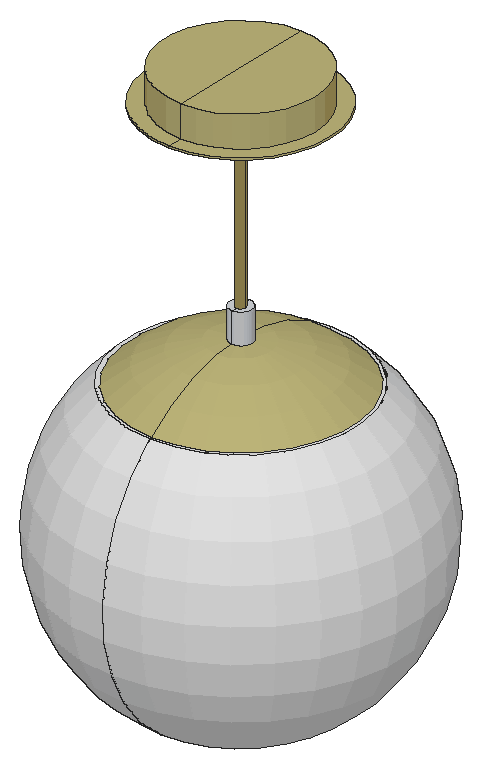
Revit family "3-673-xx - 37-673-xx - Luna (Pendant)", category Lighting Fixtures, host Ceiling, Revit 2018
Family settings
  Host = Ceiling
  Round Connector Dimension = Use Diameter
  Part Type = Normal
  OmniClass Number = 23.80.70.11
  OmniClass Title = Luminaries for Internal Lighting
  Always vertical = Yes
  Cut with Voids When Loaded = No
  Light Source = Yes
  Shared = No
  Room Calculation Point = No
Parameters (values of type "3-673-40 / 37-673-40 - Luna")
  Wattage Comments = "10.3 W at 120 V"  # constant formula
  Wattage = 10.3 W
  built-in parameter 1150110 = 1 (stored number, unit not read)
  URL = "http://www.oxygenlighting.com"
  Type Comments = "LED array fixture"
  built-in parameter 1114217 = 1 (stored number, unit not read)
  Tilt Angle = 90.00°
  built-in parameter 1150109 = 1 (stored number, unit not read)
  built-in parameter 1150134 = (empty or 0)
  built-in parameter 1150113 = 1 (stored number, unit not read)
  References = "3 = 120 V / 37 = 277 V"  # constant formula
  Photometric Web File = "3-673-22 Luna Pendant.ies"
  Supplied with [instance] = "Supplied with 8 ft of braided cord"  # constant formula
  Model = "3-673-xx / 37-673-xx - Luna"  # constant formula
  Metal finish = Oxygen Lighting - Metal Finish - 40 - Aged Brass
  Manufacturer = "Oxygen Lighting"  # constant formula
  built-in parameter 1150105 = 58.851 (stored number, unit not read)
  Lumens = 739.54 lm
  built-in parameter 1150115 = 1 (stored number, unit not read)
  built-in parameter 1150137 = (empty or 0)
  built-in parameter 1150139 = (empty or 0)
  built-in parameter 1150112 = 1 (stored number, unit not read)
  built-in parameter 1150114 = 1 (stored number, unit not read)
  Lamp = "LED Array"  # constant formula
  Keynote = "LED array lamp"
  Input Voltage [instance] = "120 V or 277 V 50/60 Hz"  # constant formula
  built-in parameter 1150132 = (empty or 0)
  built-in parameter 1150102 = (empty or 0)
  built-in parameter 1150107 = 3000 (stored number, unit not read)
  built-in parameter 1150138 = (empty or 0)
  built-in parameter 1150106 = 0.58851 (stored number, unit not read)
  Emit from Circle Diameter = 24.00"
  Emit Shape Visible in Rendering = no
  built-in parameter 1150104 = 6.6704 (stored number, unit not read)
  Dimming Lamp Color Temperature Shift = <None>
  Diffuser = Oxygen Lighting - Diffuser - White Opal Glass
  Color Filter = 16777215
  Other = Braided Cord
  Suspension Length [instance] = 20.00"
  built-in parameter 1114218 = 1 (stored number, unit not read)
  built-in parameter 1150133 = 10 (stored number, unit not read)
Types (4): name | Metal finish
  3-673-22 / 37-673-22 - Luna | Oxygen Lighting - Metal Finish - 22 - Oiled Bronze
  3-673-20 / 37-673-20 - Luna | Oxygen Lighting - Metal Finish - 20 - Polished Nickel
  3-673-24 / 37-673-24 - Luna | Oxygen Lighting - Metal Finish - 24 - Satin Nickel
  3-673-40 / 37-673-40 - Luna | Oxygen Lighting - Metal Finish - 40 - Aged Brass
Reference planes (in)
  plane 1 "Light Source Axis (F/B)": y = 0.115
  plane 2 "Ceiling": z = 178.54897
  plane 3 "Light Source Axis (L/R)": x = 0
  plane 4 "Light Source Elevation": z = 158.54897
  plane 5: z = 171.25812
  plane 6: z = 176.67889
  plane 7: z = 163.25812
Forms (in)
  Revolve 1, solid, material "Oxygen Lighting - Metal Finish - 40 - Aged Brass" <- "Metal finish"
    sketch origin (0, 0.10938, -1.45103) x (0, 1, 0) y (0, 0, 1)
      loop
        line (0, 180) -> (0, 178.87795) -> (0, 178.12992) -> (0.31496, 178.12992) -> (0.31496, 178.87795) -> (3.05906, 178.87795) -> (3.05906, 178.93701) -> (2.55906, 178.93701) -> (2.55906, 180) -> (0, 180)
      axis (0, 180) -> (0, 178.12992)
    angle from 0 to 360
  Revolve 2, solid, material "Oxygen Lighting - Diffuser - White Opal Glass" <- "Diffuser"
    sketch origin (0, 0.11755, 11.58378) x (0, 1, 0) y (0, 0, 1)
      loop
        arc (0, 146.96654) -> (5.52443, 150.78502) -> (3.90471, 157.30244) r 5.90551
        line (3.90471, 157.30244) -> (0, 157.30244) -> (0, 157.17244) -> (3.85529, 157.17244)
        arc (3.85529, 157.17244) -> (5.39414, 150.80812) -> (0, 147.09654) r 5.77551
        line (0, 147.09654) -> (0, 146.96654)
      axis (0, 157.30244) -> (0, 146.96654)
    angle from 0 to 360
  Revolve 3, solid, material "Oxygen Lighting - Metal Finish - 40 - Aged Brass" <- "Metal finish"
    sketch origin (0, 0.11755, 11.58378) x (0, 1, 0) y (0, 0, 1)
      loop
        arc (3.78457, 157.30244) -> (2.01698, 158.33859) -> (0, 158.69883) r 5.82677
        line (0, 158.69883) -> (0, 157.30244) -> (3.78457, 157.30244)
      axis (0, 158.69883) -> (0, 157.30244)
    angle from 0 to 360
  Revolve 4, solid, material "Oxygen Lighting - Diffuser - White Opal Glass" <- "Diffuser", not visible
    sketch origin (0, 0, 0) x (0, 1, 0) y (0, 0, 1)
      loop
        arc (0, 146.96654) -> (5.52443, 150.78502) -> (3.90471, 157.30244) r 5.90551
        line (3.90471, 157.30244) -> (0, 157.30244) -> (0, 157.17244) -> (3.85529, 157.17244)
        arc (3.85529, 157.17244) -> (5.39414, 150.80812) -> (0, 147.09654) r 5.77551
        line (0, 147.09654) -> (0, 146.96654)
      axis (0, 157.30244) -> (0, 146.96654)
    angle from 0 to 360
  Revolve 5, solid, material "Oxygen Lighting - Metal Finish - 40 - Aged Brass" <- "Metal finish", not visible
    sketch origin (0, 0, 0) x (0, 1, 0) y (0, 0, 1)
      loop
        arc (3.78457, 157.30244) -> (2.01698, 158.33859) -> (0, 158.69883) r 5.82677
        line (0, 158.69883) -> (0, 157.30244) -> (3.78457, 157.30244)
      axis (0, 158.69883) -> (0, 157.30244)
    angle from 0 to 360
  Revolve 6, solid, material "Oxygen Lighting - Metal Finish - 40 - Aged Brass" <- "Metal finish", not visible
    sketch origin (0, 0, 0) x (0, 1, 0) y (0, 0, 1)
      loop
        line (0, 180) -> (0, 178.87795) -> (0, 178.12992) -> (0.31496, 178.12992) -> (0.31496, 178.87795) -> (3.05906, 178.87795) -> (3.05906, 178.93701) -> (2.55906, 178.93701) -> (2.55906, 180) -> (0, 180)
      axis (0, 180) -> (0, 178.12992)
    angle from 0 to 360
  Revolve 7, solid, material "Braided Cord" <- "Other"
    sketch origin (0, 0.115, 0) x (1, 0, 0) y (0, 0, 1)
      loop
        line (0, 176.67889) -> (-0.15748, 176.67889) -> (-0.15748, 171.25812) -> (0, 171.25812) -> (0, 176.67889)
      axis (0, 176.67889) -> (0, 171.25812)
    angle from 0 to 360
  Revolve 8, solid
    sketch origin (0, 0.11755, 18.54184) x (0, 1, 0) y (0, 0, 1)
      loop
        line (0, 152.71628) -> (0, 151.16785) -> (0.375, 151.16785) -> (0.375, 152.71628) -> (0, 152.71628)
      axis (0, 152.71628) -> (0, 151.16785)
    angle from 0 to 360
  Revolve 9, solid, not visible
    sketch origin (0, 0, 6.95806) x (0, 1, 0) y (0, 0, 1)
      loop
        line (0, 152.71628) -> (0, 151.16785) -> (0.375, 151.16785) -> (0.375, 152.71628) -> (0, 152.71628)
      axis (0, 152.71628) -> (0, 151.16785)
    angle from 0 to 360
Dimensions and locks (in)
  equal spacing: host sketch curve, plane 3 "Light Source Axis (L/R)", host sketch curve
  equal spacing: host sketch curve, plane 1 "Light Source Axis (F/B)", host sketch curve
  host sketch curve to host sketch curve = 120.00"  (x2)
  Revolve 1 sketch curve to Revolve 1 sketch curve to Revolve 1 sketch curve = 1.06299", 0.05906"
  Revolve 1 sketch curve to Revolve 1 sketch curve to Revolve 1 sketch curve = 2.55906", 0.50"
  Revolve 1 sketch curve to Revolve 1 sketch curve = 0.74803"
  Revolve 1 sketch curve to Revolve 1 sketch curve = 0.31496"
  Revolve 6 sketch curve to Revolve 6 sketch curve to Revolve 6 sketch curve = 1.06299", 0.05906"
  Revolve 6 sketch curve to Revolve 6 sketch curve to Revolve 6 sketch curve = 2.55906", 0.50"
  Revolve 6 sketch curve to Revolve 6 sketch curve = 0.74803"
  Revolve 6 sketch curve to Revolve 6 sketch curve = 0.31496"
  locked: plane 2 "Ceiling" to plane 6 at 1.87008
  Revolve 8 sketch curve to Revolve 8 sketch curve = 0.375"
  Revolve 8 sketch curve to Revolve 8 sketch curve = 1.54843"
  Revolve 9 sketch curve to Revolve 9 sketch curve = 0.375"
  Revolve 9 sketch curve to Revolve 9 sketch curve = 1.54843"
  locked: plane 5 to plane 4 "Light Source Elevation" at 12.70915
  "Suspension Length": plane 2 "Ceiling" to plane 4 "Light Source Elevation"
  locked: plane 7 to plane 4 "Light Source Elevation" at 4.70915
  radius of Revolve 3 sketch curve = 5.82677"
  radius of Revolve 5 sketch curve = 5.82677"
  aligned and locked: imposter light to plane 1 "Light Source Axis (F/B)"
  aligned and locked: plane 6 to Revolve 1
  aligned and locked: plane 2 "Ceiling" to Revolve 1
  aligned and locked: plane 2 "Ceiling" to host ceiling
  aligned and locked: Revolve 7 to Revolve 8
  aligned and locked: plane 7 to imposter light
  aligned and locked: plane 5 to Revolve 8
Automatic sketch dimensions
  Revolve 7 sketch curve to plane 6 = 0.00"
  Revolve 7 sketch curve to plane 5 = 0.00"
  Revolve 7 sketch curve to plane 3 "Light Source Axis (L/R)" = 0.00"  (x2)
  Revolve 7 sketch curve to plane 3 "Light Source Axis (L/R)" = 0.15748"
  plane 7 to Revolve 7 sketch curve = 1.52285"
  plane 2 "Ceiling" to Revolve 7 sketch curve = 5.12992"
  Revolve 2 sketch curve to Revolve 2 sketch curve = 0.00"  (x4)
  Revolve 2 sketch curve to Revolve 2 sketch curve = 3.85529"
  Revolve 2 sketch curve to Revolve 2 sketch curve = 0.04942"
  Revolve 2 sketch curve to Revolve 2 sketch curve = 0.13"
  Revolve 2 sketch curve to Revolve 2 sketch curve = 5.77551"
  Revolve 2 sketch curve to Revolve 2 sketch curve = 9.11874"
  Revolve 2 sketch curve to Revolve 2 sketch curve = 2.29537"
  Revolve 3 sketch curve to Revolve 3 sketch curve = 3.78457"
  Revolve 3 sketch curve to Revolve 3 sketch curve = 0.00"
  Revolve 3 sketch curve to Revolve 3 sketch curve = 0.31567"
  Revolve 3 sketch curve to Revolve 3 sketch curve = 3.78794"
  Revolve 8 sketch curve to Revolve 8 sketch curve = 0.00"
  Revolve 8 sketch curve to Revolve 8 sketch curve = 0.73896"
  Revolve 8 sketch curve to Revolve 8 sketch curve = 3.25"
  Revolve 4 sketch curve to Revolve 4 sketch curve = 0.00"  (x4)
  Revolve 4 sketch curve to Revolve 4 sketch curve = 3.85529"
  Revolve 4 sketch curve to Revolve 4 sketch curve = 0.04942"
  Revolve 4 sketch curve to Revolve 4 sketch curve = 0.13"
  Revolve 4 sketch curve to Revolve 4 sketch curve = 5.77551"
  Revolve 4 sketch curve to Revolve 4 sketch curve = 9.11874"
  Revolve 4 sketch curve to Revolve 4 sketch curve = 2.29537"
  Revolve 5 sketch curve to Revolve 5 sketch curve = 3.78457"
  Revolve 5 sketch curve to Revolve 5 sketch curve = 0.00"
  Revolve 5 sketch curve to Revolve 5 sketch curve = 0.31567"
  Revolve 5 sketch curve to Revolve 5 sketch curve = 3.78794"
  Revolve 9 sketch curve to Revolve 9 sketch curve = 0.00"
  Revolve 9 sketch curve to Revolve 9 sketch curve = 0.73896"
  Revolve 9 sketch curve to Revolve 9 sketch curve = 3.25"
